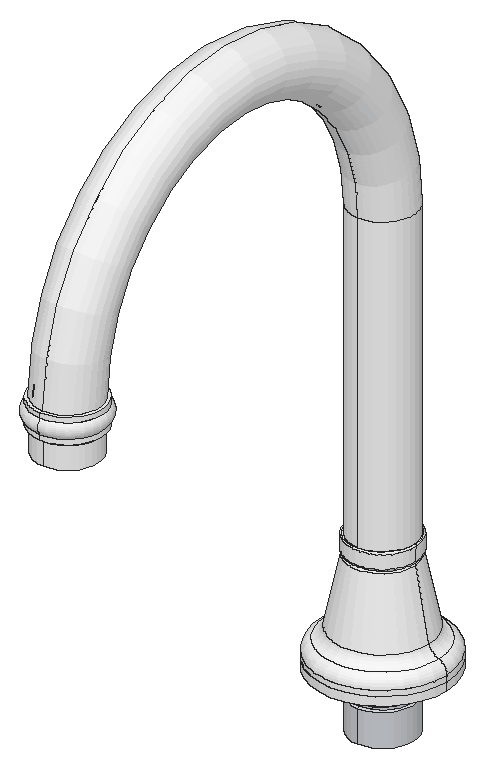
Revit family "Reece_Tap_Posh_Bristol_Basin Outlet_Gooseneck", category Plumbing Fixtures, host Face, Revit 2018
Family settings
  Host = Face
  Round Connector Dimension = Use Diameter
  Part Type = Normal
  Cut with Voids When Loaded = No
  Shared = Yes
  Room Calculation Point = Yes
Parameters (values of type "160 mm_Swivel_White_Chrome")
  WFU = 0  # constant formula
  URL = "https://www.reece.com.au/product/-9502212"
  Type Comments = "Tap"
  Reece_Tap_Reach = 160 mm  # constant formula
  Reece_Tap_Inlet = 12 mm  # constant formula
  Reece_Product_Web Page = "https://www.reece.com.au/product/-9502212"
  Reece_Product_Type = "Tap"  # constant formula
  Reece_Product_Sub Brand = "Bristol"  # constant formula
  Reece_Product_Number = "9502212"
  Reece_Product_Mount = "Hob Mounted"
  Reece_Product_Description = "Posh Bristol Swivel Hob Outlet Gooseneck 25mm White/Chrome (4 Star)"
  Reece_Product_Brand = "Posh"  # constant formula
  Reece_Overall_Height = 261 mm  # constant formula
  Reece_Outlet_Type = Reece_Posh_Bristol_Basin Outlet_Gooseneck (25mm)_Nested : Reece_Posh_Bristol_Basin Outlet_Gooseneck (25mm)_Nested
  Reece_Material_Secondary = Reece_Brass_Chrome
  Reece_Material-Main = Reece_Metal_Glazed Steel_White
  Reece_Detail_Shape = "Gooseneck"  # constant formula
  Reece_Detail_Installation = "Basin Outlet"  # constant formula
  Reece_Detail_Disclaimer = "THIS FILE IS THE PROPERTY OF THE REECE GROUP. IT MAY NOT BE REPRODUCED, REVERSE-ENGINEERED OR MODIFIED. ANY REPUBLICATION, TRANSMISSION OR DISTRIBUTION FOR THE PURPOSE OF COMMERCIALLY EXPLOITING THE FILES IS PROHIBITED."  # constant formula
  Reece_Detail_Additional = "Swivel"
  Reece_Backplate_Diameter = 52 mm  # constant formula
  Model = "Bristol"
  Manufacturer = "Posh"
  Keynote = "Product #9502212, Reece_Tap_Posh_Bristol_Basin Outlet_Gooseneck - 160 mm_Swivel_White_Chrome"
  HWFU = 0  # constant formula
  Disclaimer = "THIS FILE IS THE PROPERTY OF THE REECE GROUP. IT MAY NOT BE REPRODUCED, REVERSE-ENGINEERED OR MODIFIED. ANY REPUBLICATION, TRANSMISSION OR DISTRIBUTION FOR THE PURPOSE OF COMMERCIALLY EXPLOITING THE FILES IS PROHIBITED."  # constant formula
  Description = "Posh Bristol Swivel Hob Outlet Gooseneck 25mm White/Chrome (4 Star)"
  Default Elevation = 1000 mm
  CWFU = 0  # constant formula
Types (8, lengths in mm): name | URL | Reece_Product_Web Page | Reece_Product_Number | Reece_Product_Description | Reece_Outlet_Type | Reece_Material_Secondary | Reece_Material-Main | Reece_Detail_Additional | Keynote | Description
  (no name) | "https://www.reece.com.au/product/-9502224" | "https://www.reece.com.au/product/-9502224" | "9502224" | "Posh Bristol Hob Outlet Gooseneck (19mm) 160mm Chrome (4 Star)" | Reece_Posh_Bristol_Basin Outlet_Gooseneck (19mm)_Nested : Reece_Posh_Bristol_Basin Outlet_Gooseneck (19mm)_Nested | Reece_Brass_Chrome | Reece_Brass_Chrome | "" | "Product #9502224, Reece_Tap_Posh_Bristol_Basin Outlet_Gooseneck -  " | "Posh Bristol Hob Outlet Gooseneck (19mm) 160mm Chrome (4 Star)"
  160 mm_Chrome | "https://www.reece.com.au/product/-9502224" | "https://www.reece.com.au/product/-9502224" | "9502224" | "Posh Bristol Hob Outlet Gooseneck (19mm) 160mm Chrome (4 Star)" | Reece_Posh_Bristol_Basin Outlet_Gooseneck (19mm)_Nested : Reece_Posh_Bristol_Basin Outlet_Gooseneck (19mm)_Nested | Reece_Brass_Chrome | Reece_Brass_Chrome | "" | "Product #9502224, Reece_Tap_Posh_Bristol_Basin Outlet_Gooseneck - 160 mm_Chrome" | "Posh Bristol Hob Outlet Gooseneck (19mm) 160mm Chrome (4 Star)"
  160 mm_Swivel_Chrome | "https://www.reece.com.au/product/-9502210" | "https://www.reece.com.au/product/-9502210" | "9502210" | "Posh Bristol Hob Swivel Outlet Gooseneck (25mm) 160mm Chrome (4 Star)" | Reece_Posh_Bristol_Basin Outlet_Gooseneck (25mm)_Nested : Reece_Posh_Bristol_Basin Outlet_Gooseneck (25mm)_Nested | Reece_Brass_Chrome | Reece_Brass_Chrome | "Swivel" | "Product #9502210, Reece_Tap_Posh_Bristol_Basin Outlet_Gooseneck - 160 mm_Swivel_Chrome" | "Posh Bristol Hob Swivel Outlet Gooseneck (25mm) 160mm Chrome (4 Star)"
  160 mm_Swivel_Chrome_Gold | "https://www.reece.com.au/product/-9502211" | "https://www.reece.com.au/product/-9502211" | "9502211" | "Posh Bristol Swivel Hob Outlet Gooseneck 25mm Chrome/Gold (4 Star)" | Reece_Posh_Bristol_Basin Outlet_Gooseneck (25mm)_Nested : Reece_Posh_Bristol_Basin Outlet_Gooseneck (25mm)_Nested | Reece_Metal_Gold_Polished | Reece_Brass_Chrome | "Swivel" | "Product #9502211, Reece_Tap_Posh_Bristol_Basin Outlet_Gooseneck - 160 mm_Swivel_Chrome_Gold" | "Posh Bristol Swivel Hob Outlet Gooseneck 25mm Chrome/Gold (4 Star)"
  160 mm_Swivel_Ivory_Chrome | "https://www.reece.com.au/product/-9502214" | "https://www.reece.com.au/product/-9502214" | "9502214" | "Posh Bristol Swivel Hob Outlet Gooseneck 25mm Ivory/Chrome (4 Star)" | Reece_Posh_Bristol_Basin Outlet_Gooseneck (25mm)_Nested : Reece_Posh_Bristol_Basin Outlet_Gooseneck (25mm)_Nested | Reece_Brass_Chrome | Reece_Metal_Steel Enamelled_Ivory | "Swivel" | "Product #9502214, Reece_Tap_Posh_Bristol_Basin Outlet_Gooseneck - 160 mm_Swivel_Ivory_Chrome" | "Posh Bristol Swivel Hob Outlet Gooseneck 25mm Ivory/Chrome (4 Star)"
  160 mm_Swivel_Ivory_Gold | "https://www.reece.com.au/product/-9502215" | "https://www.reece.com.au/product/-9502215" | "9502215" | "Posh Bristol Swivel Hob Outlet Gooseneck 25mm Ivory/Gold (4 Star)" | Reece_Posh_Bristol_Basin Outlet_Gooseneck (25mm)_Nested : Reece_Posh_Bristol_Basin Outlet_Gooseneck (25mm)_Nested | Reece_Metal_Gold_Polished | Reece_Metal_Steel Enamelled_Ivory | "Swivel" | "Product #9502215, Reece_Tap_Posh_Bristol_Basin Outlet_Gooseneck - 160 mm_Swivel_Ivory_Gold" | "Posh Bristol Swivel Hob Outlet Gooseneck 25mm Ivory/Gold (4 Star)"
  160 mm_Swivel_White_Chrome | "https://www.reece.com.au/product/-9502212" | "https://www.reece.com.au/product/-9502212" | "9502212" | "Posh Bristol Swivel Hob Outlet Gooseneck 25mm White/Chrome (4 Star)" | Reece_Posh_Bristol_Basin Outlet_Gooseneck (25mm)_Nested : Reece_Posh_Bristol_Basin Outlet_Gooseneck (25mm)_Nested | Reece_Brass_Chrome | Reece_Metal_Glazed Steel_White | "Swivel" | "Product #9502212, Reece_Tap_Posh_Bristol_Basin Outlet_Gooseneck - 160 mm_Swivel_White_Chrome" | "Posh Bristol Swivel Hob Outlet Gooseneck 25mm White/Chrome (4 Star)"
  160 mm_Swivel_White_Gold | "https://www.reece.com.au/product/-9502213" | "https://www.reece.com.au/product/-9502213" | "9502213" | "Posh Bristol Swivel Hob Outlet Gooseneck 25mm White/Gold (4 Star)" | Reece_Posh_Bristol_Basin Outlet_Gooseneck (25mm)_Nested : Reece_Posh_Bristol_Basin Outlet_Gooseneck (25mm)_Nested | Reece_Metal_Gold_Polished | Reece_Metal_Glazed Steel_White | "Swivel" | "Product #9502213, Reece_Tap_Posh_Bristol_Basin Outlet_Gooseneck - 160 mm_Swivel_White_Gold" | "Posh Bristol Swivel Hob Outlet Gooseneck 25mm White/Gold (4 Star)"
Reference planes
  plane 1 "Center (Front/Back)": y = 0
  plane 2 "Bottom": z = 0
  plane 3 "Center (Left/Right)": x = 0
  plane 4 "Top": z = 261
  plane 5: x = -25.921
  plane 6: x = 26.079
  plane 7: y = -160
Forms (mm)
  Revolve 1, void
    sketch origin (0, 0, 0) x (0, 1, 0) y (0, 0, 1)
      loop
        line (0, 0) -> (0, -10) -> (20, -10) -> (20, 0) -> (0, 0)
      axis (0, 0) -> (0, -10)
    angle from 0 to 360
  Revolve 2, solid
    sketch origin (0, 0, 0) x (0, 1, 0) y (0, 0, 1)
      loop
        line (0, 0) -> (0, -23) -> (12.5, -23) -> (12.5, -10) -> (11.634, -9.5) -> (11.634, -8.5) -> (12.5, -8) -> (11.634, -7.5) -> (11.634, -6.5) -> (12.5, -6) -> (11.634, -5.5) -> (11.634, -4.5) -> (12.5, -4) -> (11.634, -3.5) -> (11.634, -2.5) -> (12.5, -2) -> (12.5, 0) -> (0, 0)
      axis (0, 0) -> (0, -23)
    angle from 0 to 360
Text (mm)
  text "Reece Copyright © 2018, Reece Ltd." at (-283.539, -235.773, 0), in view "Ref. Level"
  text "Reece ©" at (40.295, 209.45, 146.934), in view "Reece Preview"
Dimensions and locks
  "Reece_Backplate_Diameter": plane 5 to plane 6
  "Reece_Overall_Height": plane 4 "Top" to host face
  "Reece_Tap_Reach": plane 1 "Center (Front/Back)" to plane 7
  "Reece_Tap_Reach": plane 7 to plane 1 "Center (Front/Back)"
  "Reece_Overall_Height": plane 4 "Top" to plane 2 "Bottom"
  aligned and locked: plane 2 "Bottom" to host face
  aligned and locked: level to host face
  aligned and locked: plane 1 "Center (Front/Back)" to Revolve 1 sketch curve
  aligned and locked: nested 1 to Revolve 2 sketch curve
  aligned and locked: Revolve 2 sketch curve to plane 2 "Bottom"
  aligned and locked: plane 1 "Center (Front/Back)" to Revolve 2 sketch curve
Automatic sketch dimensions
  host sketch curve to host sketch curve = 380.785 mm
  host sketch curve to host sketch curve = 317.421 mm
  level to Revolve 1 sketch curve = 0 mm
  Revolve 1 sketch curve to plane 1 "Center (Front/Back)" = 0 mm
  Revolve 1 sketch curve to level = 10 mm
  Revolve 1 sketch curve to Revolve 1 sketch curve = 20 mm
  Revolve 1 sketch curve to Revolve 1 sketch curve = 12.775 mm
  Revolve 1 sketch curve to Revolve 1 sketch curve = 7.225 mm
  Revolve 2 sketch curve to plane 1 "Center (Front/Back)" = 11.634 mm
  Revolve 2 sketch curve to level = 2.5 mm
  Revolve 2 sketch curve to Revolve 2 sketch curve = 0 mm  (x3)
  Revolve 2 sketch curve to level = 4.5 mm
  Revolve 2 sketch curve to level = 2 mm
  Revolve 2 sketch curve to Revolve 2 sketch curve = 0.866 mm  (x5)
  Revolve 2 sketch curve to level = 6 mm
  Revolve 2 sketch curve to level = 4 mm
  Revolve 2 sketch curve to Revolve 2 sketch curve = 0.5 mm  (x3)
  Revolve 2 sketch curve to Revolve 2 sketch curve = 1 mm  (x5)
  Revolve 2 sketch curve to Revolve 2 sketch curve = 13 mm
  Revolve 2 sketch curve to Revolve 2 sketch curve = 14.312 mm
  Revolve 2 sketch curve to Revolve 2 sketch curve = 22.688 mm
Nested families
  nested 1: "Reece_Posh_Bristol_Basin Outlet_Gooseneck (25mm)_Nested" at (0, 0, 0), type <- "Reece_Outlet_Type", Reece_Material-Main <- "Reece_Material-Main", Reece_Material_Secondary <- "Reece_Material_Secondary", type "Reece_Posh_Bristol_Basin Outlet_Gooseneck (25mm)_Nested"
    with Reece_Material_Secondary Reece_Brass_Chrome, Reece_Material-Main Reece_Metal_Glazed Steel_White
Connectors
  piping at (0, 0, -23), diameter 12, driven by "Reece_Tap_Inlet"
    settings: on Revolve 2, index 1, connector inside diameter 609.6 mm, connector length 0 mm, flow factor 0, pipe flow 0.0 L/s, pressure drop 0.0 Pa, fitting loss kfactor 0, connector angle 0.00°, fixture units 0, engagement length 0 mm, angle of deflection 0.00°, flow configuration 0, flow direction 1, fitting loss method 0, system type 29, joint type 0, gender type 0, connector reference index -1, connector utility 0, adjustable connector no, is connector primary yes, connector description ""
Definition of nested family "Reece_Posh_Bristol_Basin Outlet_Gooseneck (25mm)_Nested"
  Parameters (values of type "Reece_Posh_Bristol_Basin Outlet_Gooseneck (25mm) 160  mm_Nested")
    WFU = 0  # constant formula
    Reece_Material_Secondary [instance] = none
    Reece_Material-Main [instance] = none
    HWFU = 0  # constant formula
    Default Elevation = 1000 mm
    CWFU = 0  # constant formula
  Reference planes
    plane 1 "Center (Front/Back)": y = 0
    plane 2 "Bottom": z = 0
    plane 3 "Center (Left/Right)": x = 0
    plane 4 "tap fixing": z = 42.172
    plane 5: z = 261
    plane 6: x = -26.079
    plane 7: x = 26.079
    plane 8: y = -160
    plane 9: z = 168.5
  Forms (mm)
    Extrusion 1, solid
      sketch origin (619.2, -619.2, 0) x (1, 0, 0) y (0, 1, 0)
        loop
          line (-809.2, 779.2) -> (-809.2, 461.779) -> (-428.415, 461.779) -> (-428.415, 779.2) -> (-809.2, 779.2)
      from 0 to -9.564
    Revolve 2, solid, material <- "Reece_Material-Main"
      sketch origin (0, 0, 0) x (1, 0, 0) y (0, 0, 1)
        loop
          line (0, 3.511) -> (26.079, 3.511) -> (26.079, 5.701)
          arc (26.079, 5.701) -> (25.139, 8.619) -> (22.673, 10.44) r 5
          arc (22.673, 10.44) -> (20.234, 12.051) -> (18.914, 14.658) r 5.7
          line (18.914, 14.658) -> (13.302, 41.062)
          arc (13.302, 41.062) -> (12.782, 41.885) -> (11.853, 42.172) r 1.404
          line (11.853, 42.172) -> (13.111, 42.172)
          arc (13.111, 42.172) -> (13.465, 42.319) -> (13.611, 42.672) r 0.5
          line (13.611, 42.672) -> (13.611, 48.145)
          arc (13.611, 48.145) -> (13.465, 48.499) -> (13.111, 48.645) r 0.5
          line (13.111, 48.645) -> (0, 48.645) -> (0, 3.511)
        axis (0, 48.645) -> (0, 3.511)
      angle from 0 to 360
    Sweep 3, solid, material <- "Reece_Material-Main"
      path origin (0, 0, 0) x (0, 1, 0) y (0, 0, 1)
        loop
          line (0, 47.949) -> (0, 168.5)
          arc (0, 168.5) -> (-80, 248.5) -> (-160, 168.5) r 80
      profile origin (0, 0, 108.224) x (0, -1, 0) y (1, 0, 0)
        loop
          circle (0, 0) r 12.5
        loop
          circle (0, 0) r 11
    Revolve 4, solid, material <- "Reece_Material-Main"
      sketch origin (0, 0, 0) x (0, 1, 0) y (0, 0, 1)
        loop
          line (-160, 168.5) -> (-160, 158.512) -> (-146.121, 158.512) -> (-146.121, 160.604)
          arc (-146.121, 160.604) -> (-144.806, 163.538) -> (-146.121, 166.472) r 3.93
          line (-146.121, 166.472) -> (-146.121, 168.5) -> (-160, 168.5)
        axis (-160, 168.5) -> (-160, 158.512)
      angle from 0 to 360
    Revolve 5, solid, material <- "Reece_Material_Secondary"
      sketch origin (0, 0, 0) x (1, 0, 0) y (0, 0, 1)
        loop
          line (0, 3.511) -> (-26.079, 3.511) -> (-26.079, 0) -> (0, 0) -> (0, 3.511)
        axis (0, 0) -> (0, 3.511)
      angle from 0 to 360
    Revolve 6, solid, material <- "Reece_Material_Secondary"
      sketch origin (0, 0, 0) x (0, 1, 0) y (0, 0, 1)
        loop
          line (-148.541, 158.512) -> (-160, 158.512) -> (-160, 150.598) -> (-150.972, 150.598) -> (-150.972, 148.351) -> (-147.725, 148.351) -> (-147.725, 157.208) -> (-148.541, 157.208) -> (-148.541, 158.512)
        axis (-160, 158.512) -> (-160, 148.351)
      angle from 0 to 360
  Cuts and joins
    joined: Revolve 2, Sweep 3, Revolve 4
  Lines and regions (mm)
    model lines
      curve 1: line (0, 20, 0) -> (0, -19.085, 0)
  Text (mm)
    text "Reece Copyright © 2018, Reece Ltd." at (-1403.988, -1192.393, 0), in view "Ref. Level"
    text "Reece ©" at (44.384, 258.95, 192.345), in view "Reece Preview"
  Dimensions and locks
    plane 6 to plane 7 = 52.158 mm
    Sweep 3 sketch curve to plane 5 = 12.5 mm
    Extrusion 1 to plane 5 = 261 mm
    equal spacing: plane 6, plane 3 "Center (Left/Right)", plane 7
    aligned and locked: plane 2 "Bottom" to Extrusion 1
    aligned and locked: level to Extrusion 1
    aligned and locked: Sweep 3 sketch curve to plane 1 "Center (Front/Back)"
    aligned and locked: plane 9 to Sweep 3
    aligned and locked: plane 3 "Center (Left/Right)" to Revolve 5 sketch curve
    aligned and locked: plane 8 to Revolve 6 sketch curve
    aligned and locked: Revolve 6 sketch curve to Revolve 4
    aligned and locked: Revolve 6 sketch curve to plane 8
    aligned and locked: Revolve 4 sketch curve to plane 8
  Automatic sketch dimensions
    curve 1 to plane 3 "Center (Left/Right)" = 0 mm
    plane 1 "Center (Front/Back)" to curve 1 = 19.085 mm
    curve 1 to plane 1 "Center (Front/Back)" = 20 mm
    Extrusion 1 sketch curve to Extrusion 1 sketch curve = 380.785 mm
    Extrusion 1 sketch curve to Extrusion 1 sketch curve = 317.421 mm
    Sweep 3 sketch curve to plane 3 "Center (Left/Right)" = 0 mm
    Sweep 3 sketch curve to profile plane = 0 mm
    Sweep 3 sketch curve to Sweep 3 sketch curve = 0 mm  (x2)
    Sweep 3 sketch curve to plane 8 = 0 mm
    Sweep 3 sketch curve to plane 4 "tap fixing" = 5.776 mm
    Revolve 4 sketch curve to plane 8 = 0 mm
    Revolve 4 sketch curve to plane 9 = 0 mm
    Revolve 4 sketch curve to plane 9 = 4.962 mm
    plane 8 to Revolve 4 sketch curve = 11.264 mm
    Revolve 4 sketch curve to Revolve 4 sketch curve = 2.615 mm  (x2)
    Revolve 4 sketch curve to Revolve 4 sketch curve = 2.934 mm
    Revolve 4 sketch curve to plane 9 = 9.988 mm
    Revolve 4 sketch curve to Revolve 4 sketch curve = 18.6 mm
    Revolve 4 sketch curve to Revolve 4 sketch curve = 6.412 mm
    plane 8 to Revolve 6 sketch curve = 9.028 mm
    Revolve 6 sketch curve to Revolve 6 sketch curve = 2.431 mm
    Revolve 6 sketch curve to Revolve 6 sketch curve = 0.816 mm
    Revolve 6 sketch curve to Revolve 6 sketch curve = 1.304 mm
    Revolve 6 sketch curve to Revolve 6 sketch curve = 6.609 mm
    Revolve 6 sketch curve to Revolve 6 sketch curve = 2.248 mm
    Revolve 6 sketch curve to Revolve 6 sketch curve = 2.833 mm
    Revolve 6 sketch curve to plane 9 = 4.988 mm
    Revolve 5 sketch curve to level = 0 mm
    plane 6 to Revolve 5 sketch curve = 0 mm
    Revolve 5 sketch curve to plane 3 "Center (Left/Right)" = 0 mm
    Revolve 5 sketch curve to Revolve 5 sketch curve = 3.511 mm
    Revolve 5 sketch curve to level = 5 mm
    Revolve 5 sketch curve to plane 4 "tap fixing" = 22.828 mm
    Revolve 2 sketch curve to plane 3 "Center (Left/Right)" = 0 mm  (x2)
    Revolve 2 sketch curve to plane 4 "tap fixing" = 0 mm
    plane 7 to Revolve 2 sketch curve = 0 mm
    plane 3 "Center (Left/Right)" to Revolve 2 sketch curve = 11.853 mm
    Revolve 2 sketch curve to Revolve 2 sketch curve = 0.075 mm
    Revolve 2 sketch curve to Revolve 2 sketch curve = 1.258 mm
    Revolve 2 sketch curve to Revolve 2 sketch curve = 0 mm  (x2)
    plane 4 "tap fixing" to Revolve 2 sketch curve = 1.11 mm
    Revolve 2 sketch curve to Revolve 2 sketch curve = 0.19 mm
    Revolve 2 sketch curve to Revolve 2 sketch curve = 0.5 mm
    plane 7 to Revolve 2 sketch curve = 7.165 mm
    Revolve 2 sketch curve to Revolve 2 sketch curve = 5 mm
    plane 7 to Revolve 2 sketch curve = 1.59 mm
    level to Revolve 2 sketch curve = 15.843 mm
    Revolve 2 sketch curve to Revolve 2 sketch curve = 1.185 mm
    level to Revolve 2 sketch curve = 5.701 mm
    Revolve 2 sketch curve to Revolve 2 sketch curve = 2.19 mm
    Revolve 2 sketch curve to Revolve 2 sketch curve = 5.473 mm
    Revolve 2 sketch curve to Revolve 2 sketch curve = 5.787 mm
    radius of Sweep 3 sketch curve = 12.5 mm
    radius of Sweep 3 sketch curve = 11 mm
